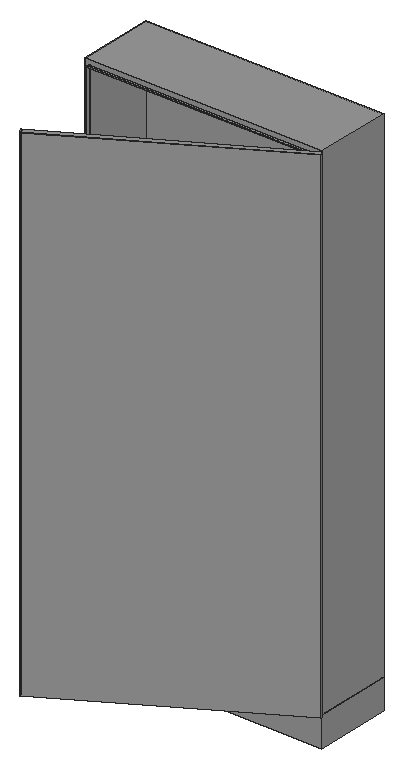
Revit family "Hager-Univers-IP55-D275-H1800-Cl.I-Steel_encl-NoHosted-NL-en", category Equipement électrique, Revit 2020
Family settings
  Configuration du panneau = Deux colonnes, circuits au sein
  Cote de connecteur circulaire = Utiliser le diamètre
  Type d'élément = Tableau de raccordement
  Basée sur le plan de construction = Oui
  Toujours verticalement = Oui
  Couper avec des vides une fois chargée = Non
  Partagée = Non
  Point de calcul de pièce = Non
Parameters (values of type "Floor installation IP55 W800 H1800 D275  - FR13E1")
  Width Control [instance] = if([EF000008 - Width] > Min Width, [EF000008 - Width], Min Width)  # 800 mm
  Commentaires du type = [HG000003 - Range]  # "Univers"
  Thickness Door [instance] = if([EF009171 - Material plate thickness door/cover] > 3 mm, 3 mm, [EF009171 - Material plate thickness door/cover])  # 1.5 mm
  Seal Frame Offset [instance] = 17 mm  # constant formula
  Plinth Visibility [instance] = [HG000027 - Plinth height] > 0 mm  # yes
  Min Width [instance] = 100 mm  # constant formula
  Min Depth [instance] = (2 * [EF009170 - Material plate thickness cabinet]) + 1 mm  # 4 mm
  Min Height [instance] = 100 mm  # constant formula
  Internal Frame Depth [instance] = (Door System Depth * 0.5)  # 9 mm
  Panel Name [instance] = ""  # (empty or 0)
  Model = ""
  HG000027 - Plinth height = 100 mm
  HG000026 - Floor standing = yes
  HG000024 - Bottom section height = 600 mm
  HG000023 - Double section enclosure = no
  HG000016 - Door 3d visibility [instance] = yes
  HG000015 - Clearance visibility [instance] = no
  HG000014 - Door on the right [instance] = yes
  HG000013 - Door on the left [instance] = not([HG000014 - Door on the right])  # no
  HG000012 - Door swing angle [instance] = 30.00°
  HG000010 - Asymmetric doors = no
  HG000009 - Double swing door = no
  HG000006 - Flush mounted = no
  HG000004 - Manufacturer reference = "FR13E1"
  HG000003 - Range = "Univers"
  HG000002 - With door or cover = yes
  Frame Offset Bottom [instance] = 10 mm  # constant formula
  Frame Offset [instance] = 15 mm  # constant formula
  EF015940 - Cover with overpressure release = no
  EF011959 - Degree of protection (NEMA) = ""
  EF009554 - Number of openings for flange plates = 6
  EF009212 - Cover model = "EV000116 - Closed"
  EF009171 - Material plate thickness door/cover = 1.5 mm
  EF009170 - Material plate thickness cabinet = 1.5 mm
  EF008873 - Nominal current (In) = 800 A
  EF007800 - Suitable for lightning protection = no
  EF006306 - With lock = no
  EF006244 - Transparent cover/door = no
  EF005474 - Degree of protection (IP) = "EV006420 - IP55"
  EF004464 - Type of door = "EV002646 - Single"
  EF004427 - Number of modules = 396
  EF004293 - Impact strength = "EV008784 - IK10"
  EF003532 - Suitable for outdoor use = no
  EF002950 - Width in number of modular spacings = 24
  EF001613 - Circuit integrity = "EV000494 - None"
  EF001596 - Material housing = "EV000179 - Steel"
  EF001131 - Internal depth = 275 mm
  EF001088 - Extension possible = yes
  EF000437 - Number of conduit inlets = 6
  EF000339 - Type of cover = "EV004216 - Door"
  EF000266 - Number of rows = 11
  EF000218 - Built-in depth = 0 mm
  EF000118 - With mounting plate = no
  EF000116 - RAL-number = "7035"
  EF000049 - Depth = 275 mm
  EF000040 - Height = 1800 mm
  EF000008 - Width = 800 mm
  EF000007 - Colour = "EV000270 - Grey"
  EF000003 - Mounting method = "EV012274 - Floor installation"
  Door System Leaf Tolerance [instance] = 1.5 mm  # constant formula
  Door System Depth [instance] = 18 mm  # constant formula
  Door Height [instance] = Height Control - [HG000027 - Plinth height]  # 1700 mm
  Description = ""
  Default Elevation = 1219.2 mm
  Connector Offset [instance] = Height Control / 2  # 900 mm
  Fabricant = "Hager"  # constant formula
  Height Control [instance] = if([EF000040 - Height] > Min Height, [EF000040 - Height], Min Height)  # 1800 mm
  Depth Control [instance] = if([EF000049 - Depth] > Min Depth, [EF000049 - Depth], Min Depth)  # 275 mm
  Bottom Top Plate Trim [instance] = 1.5 mm  # constant formula
  Plinth height Ctrl [instance] = if([HG000027 - Plinth height] > 0 mm, [HG000027 - Plinth height], 12 mm)  # 100 mm
Types (5, lengths in mm): name | Width Control | HG000010 - Asymmetric doors | HG000009 - Double swing door | HG000004 - Manufacturer reference | EF009554 - Number of openings for flange plates | EF004464 - Type of door | EF004427 - Number of modules | EF000437 - Number of conduit inlets | EF000008 - Width
  Floor installation IP55 W1050 H1800 D275  - FR14E1 | 1050 | yes | yes | "FR14E1" | 8 | "EV003602 - Double" | 528 | 8 | 1050
  Floor installation IP55 W1300 H1800 D275  - FR15E1 | 1300 | yes | yes | "FR15E1" | 10 | "EV003602 - Double" | 660 | 10 | 1300
  Floor installation IP55 W300 H1800 D275  - FR11E1 | 300 | no | no | "FR11E1" | 2 | "EV002646 - Single" | 132 | 2 | 300
  Floor installation IP55 W550 H1800 D275  - FR12E1 | 550 | no | no | "FR12E1" | 4 | "EV002646 - Single" | 264 | 4 | 550
  Floor installation IP55 W800 H1800 D275  - FR13E1 | 800 | no | no | "FR13E1" | 6 | "EV002646 - Single" | 396 | 6 | 800
Reference planes
  plane 1 "Center (Front/Back)": y = 0
  plane 2: z = 0
  plane 3 "Center (Left/Right)": x = 0
  plane 4: y = 0
  plane 5: y = 0
  plane 6: z = 0
  plane 7: x = -400
  plane 8: x = 400
  plane 9: x = 398.5
  plane 10: x = -398.5
  plane 11: z = 100
  plane 12: z = 101.5
  plane 13: y = -275
  plane 14: y = -1.5
  plane 15: x = 0
  plane 16: y = -257
  plane 17: y = -273.5
  plane 18: y = -255.5
  plane 19: x = -383.5
  plane 20: x = 383.5
  plane 21: z = 111.5
  plane 22: x = -383
  plane 23: x = 383
  plane 24: z = 100
  plane 25: z = 1800
  plane 26: z = 1800
  plane 27: z = 1783.5
  plane 28: z = 1798.5
Forms (mm)
  Extrusion 1, solid, material "Hager_Steel_RAL7035_Light_Grey", detail levels medium+fine
    sketch origin (-208.679, -4572, 100) x (-1, 0, 0) y (0, -1, 0)
      loop
        line (191.321, -4315) -> (-608.679, -4315) -> (-608.679, -4572) -> (191.321, -4572) -> (191.321, -4315)
    from 0 to 1700
  Extrusion 2, void
    sketch origin (-350.771, -275, 1219.2) x (1, 0, 0) y (0, 0, 1)
      loop
        line (-47.729, 579.3) -> (-47.729, -1117.7) -> (749.271, -1117.7) -> (749.271, 579.3) -> (-47.729, 579.3)
    from -19.5 to -273.5
  Extrusion 3, void
    sketch origin (-290.084, -257, 1219.2) x (1, 0, 0) y (0, 0, 1)
      loop
        line (-93.416, -1107.7) -> (673.584, -1107.7) -> (673.584, 564.3) -> (-93.416, 564.3) -> (-93.416, -1107.7)
    from 0 to -1.5
  Extrusion 4, solid, material "Hager_Steel_RAL7035_Light_Grey", visible <- "Plinth Visibility", detail levels medium+fine
    sketch origin (0, 0, 0) x (1, 0, 0) y (0, 1, 0)
      loop
        line (-400, 0) -> (-400, -257) -> (400, -257) -> (400, 0) -> (-400, 0)
    from 0 to 100 <- "Plinth height Ctrl"
  Extrusion 5, solid, material "Hager_Steel_RAL7035_Light_Grey", detail levels coarse
    sketch origin (0, 0, 0) x (1, 0, 0) y (0, 1, 0)
      loop
        line (-400, 0) -> (-400, -275) -> (400, -275) -> (400, 0) -> (-400, 0)
    from 0 to 1800 <- "Height Control"
  Sweep 6, void
    path in 3D
      loop
        line (-400, -257, 100) -> (400, -257, 100) -> (400, 0, 100) -> (-400, 0, 100) -> (-400, -257, 100)
    profile origin (-400, -128.5, 100) x (1, 0, 0) y (0, 0, 1)
      loop
        line (0, 0) -> (0, -1.5) -> (1.5, -1.5)
        arc (1.5, -1.5) -> (1.061, -0.439) -> (0, 0) r 1.5
  Extrusion 7, solid, material "Hager_Steel_RAL7035_Light_Grey", detail levels fine
    sketch origin (-400, -257, 100) x (1, 0, 0) y (0, 0, 1)
      loop
        line (16.5, 11.5) -> (783.5, 11.5) -> (783.5, 1683.5) -> (16.5, 1683.5) -> (16.5, 11.5)
      loop
        line (15, 10) -> (785, 10) -> (785, 1685) -> (15, 1685) -> (15, 10)
    from 0 to 9 <- "Internal Frame Depth"
Cuts and joins
  Extrusion 2, Extrusion 3 cuts Extrusion 1
  Sweep 6 cuts Extrusion 4
Lines and regions (mm)
  Masking region 1
    outline origin (0, 0, 0) x (1, 0, 0) y (0, 1, 0)
      loop
        line (-400, 0) -> (-400, -275) -> (400, -275) -> (400, 0) -> (-400, 0)
  Masking region 2, detail levels coarse
    outline origin (-290.084, -257, 1219.2) x (-1, 0, 0) y (0, 0, 1)
      loop
        line (-690.084, -1219.2) -> (109.916, -1219.2) -> (109.916, 580.8) -> (-690.084, 580.8) -> (-690.084, -1219.2)
  Masking region 3, detail levels coarse
    outline origin (0, 0, 0) x (0, 1, 0) y (0, 0, 1)
      loop
        line (0, 0) -> (0, 1800) -> (-275, 1800) -> (-275, 0) -> (0, 0)
  Masking region 4, visible <- "Plinth Visibility", detail levels medium+fine
    outline origin (0, 0, 0) x (0, 1, 0) y (0, 0, 1)
      loop
        line (-1.5, 100) -> (-255.5, 100)
        arc (-255.5, 100) -> (-255.939, 98.939) -> (-257, 98.5) r 1.5
        line (-257, 98.5) -> (-257, 0) -> (0, 0) -> (0, 98.5)
        arc (0, 98.5) -> (-1.061, 98.939) -> (-1.5, 100) r 1.5
  Masking region 5, detail levels medium+fine
    outline origin (0, 0, 594.038) x (0, 1, 0) y (0, 0, 1)
      loop
        line (0, -494.038) -> (0, 1205.962) -> (-257, 1205.962) -> (-257, -494.038) -> (0, -494.038)
  Masking region 6, detail levels medium+fine
    outline origin (-359.7, -257, 1211.883) x (-1, 0, 0) y (0, 0, 1)
      loop
        line (-759.7, -1111.883) -> (40.3, -1111.883) -> (40.3, 588.117) -> (-759.7, 588.117) -> (-759.7, -1111.883)
  Masking region 7, visible <- "Plinth Visibility", detail levels medium+fine
    outline origin (-320.334, -257, 1041.368) x (-1, 0, 0) y (0, 0, 1)
      loop
        line (-720.334, -1041.368) -> (79.666, -1041.368) -> (79.666, -942.868)
        arc (79.666, -942.868) -> (78.606, -942.429) -> (78.166, -941.368) r 1.5
        line (78.166, -941.368) -> (-718.834, -941.368)
        arc (-718.834, -941.368) -> (-719.273, -942.429) -> (-720.334, -942.868) r 1.5
        line (-720.334, -942.868) -> (-720.334, -1041.368)
  sketch lines
    curve 1: line (-400, 0, 100) -> (-400, -257, 100)
    curve 2: line (-400, -257, 100) -> (400, -257, 100)
    curve 3: line (400, 0, 100) -> (-400, 0, 100)
    curve 4: line (400, -257, 100) -> (400, 0, 100)
Dimensions and locks
  locked: plane 1 "Center (Front/Back)" to plane 5
  "EF009170 - Material plate thickness cabinet": plane 7 to plane 10
  "EF009170 - Material plate thickness cabinet": plane 8 to plane 9
  equal spacing: plane 7, plane 3 "Center (Left/Right)", plane 8
  "Width Control": plane 7 to plane 8
  "Depth Control": plane 4 to plane 13
  "EF009170 - Material plate thickness cabinet": plane 4 to plane 14
  "Height Control": plane 25 to level
  "HG000027 - Plinth height": plane 11 to level
  "EF009170 - Material plate thickness cabinet": plane 12 to plane 11
  "EF009170 - Material plate thickness cabinet": plane 17 to plane 13
  "EF009170 - Material plate thickness cabinet": plane 18 to plane 16
  "Frame Offset Bottom": plane 21 to plane 12
  "Frame Offset": plane 10 to plane 19
  "Frame Offset": plane 9 to plane 20
  "Door System Depth": plane 16 to plane 13
  "Seal Frame Offset": plane 7 to plane 22
  "Seal Frame Offset": plane 8 to plane 23
  "EF009170 - Material plate thickness cabinet": plane 26 to plane 28
  "Frame Offset": plane 28 to plane 27
  "Connector Offset": plane 2 to connector elem
  "Bottom Top Plate Trim": profile plane to Sweep 6 sketch curve
  "Bottom Top Plate Trim": Sweep 6 sketch curve to Sweep 6 sketch curve
  "Plinth height Ctrl": Masking region 4 sketch curve to level
  "Plinth height Ctrl": Masking region 7 sketch curve to level
  "Thickness Door": Extrusion 7 sketch curve to Extrusion 7 sketch curve  (x4)
  "Bottom Top Plate Trim": radius of Sweep 6 sketch curve
  "Bottom Top Plate Trim": radius of Masking region 4 sketch curve  (x2)
  "Bottom Top Plate Trim": radius of Masking region 7 sketch curve  (x2)
  aligned and locked: Extrusion 2 sketch curve to plane 12
  aligned and locked: Extrusion 2 sketch curve to plane 9
  aligned and locked: Extrusion 2 sketch curve to plane 10
  aligned and locked: Extrusion 2 to plane 14
  aligned and locked: Extrusion 1 sketch curve to plane 4
  aligned and locked: plane 8 to Extrusion 1 sketch curve
  aligned and locked: plane 7 to Extrusion 1 sketch curve
  aligned and locked: Extrusion 2 to plane 18
  aligned and locked: Extrusion 3 sketch curve to plane 19
  aligned and locked: plane 20 to Extrusion 3 sketch curve
  aligned and locked: Extrusion 3 to Extrusion 2
  aligned and locked: Extrusion 3 sketch curve to plane 21
  aligned and locked: plane 3 "Center (Left/Right)" to nested 1
  aligned and locked: Extrusion 1 sketch curve to plane 16
  aligned and locked: Extrusion 4 sketch curve to cut or joined group of Extrusion 1, Extrusion 2, Extrusion 3
  aligned and locked: Masking region 1 sketch curve to plane 7
  aligned and locked: Masking region 1 sketch curve to plane 5
  aligned and locked: Masking region 1 sketch curve to plane 8
  aligned and locked: Masking region 2 sketch curve to level
  aligned and locked: level to Masking region 3 sketch curve
  aligned and locked: plane 1 "Center (Front/Back)" to Masking region 3 sketch curve
  aligned and locked: plane 13 to Masking region 3 sketch curve
  aligned and locked: plane 5 to Masking region 4 sketch curve
  aligned and locked: Masking region 2 sketch curve to plane 8
  aligned and locked: Masking region 2 sketch curve to plane 7
  aligned and locked: plane 7 to nested 2
  aligned and locked: nested 2 to plane 5
  aligned and locked: plane 5 to Masking region 5 sketch curve
  aligned and locked: plane 26 to Masking region 5 sketch curve
  aligned and locked: Extrusion 5 sketch curve to plane 8
  aligned and locked: Extrusion 5 sketch curve to plane 7
  aligned and locked: Extrusion 5 sketch curve to plane 5
  aligned and locked: Extrusion 3 sketch curve to plane 27
  aligned and locked: Extrusion 2 sketch curve to plane 28
  aligned and locked: Masking region 2 to plane 25
  aligned and locked: Extrusion 4 to plane 16
  aligned and locked: profile plane to Sweep 6 sketch curve
  aligned and locked: Masking region 5 sketch curve to plane 24
  aligned and locked: level to Masking region 4 sketch curve
  aligned and locked: Masking region 1 to plane 13
  aligned and locked: nested 1 to plane 16
  aligned and locked: Masking region 3 to plane 25
  aligned and locked: plane 16 to Masking region 4 sketch curve
  aligned and locked: Masking region 5 sketch curve to plane 16
  aligned and locked: plane 24 to plane 11
  aligned and locked: plane 26 to plane 25
  aligned and locked: plane 26 to cut or joined group of Extrusion 1, Extrusion 2, Extrusion 3
  aligned and locked: nested 1 to plane 24
  aligned and locked: Extrusion 1 to Extrusion 3
  aligned and locked: Masking region 6 sketch curve to plane 8
  aligned and locked: Masking region 6 sketch curve to plane 24
  aligned and locked: Masking region 6 sketch curve to plane 7
  aligned and locked: Masking region 6 sketch curve to plane 26
  aligned and locked: Masking region 7 sketch curve to plane 7
  aligned and locked: level to Masking region 7 sketch curve
  aligned and locked: Masking region 7 sketch curve to plane 8
  aligned and locked: Extrusion 7 sketch curve to cut or joined group of Extrusion 1, Extrusion 2, Extrusion 3  (x4)
Automatic sketch dimensions
  plane 19 to Extrusion 3 sketch curve = 0 mm
  Extrusion 3 sketch curve to plane 20 = 0 mm
  Extrusion 3 sketch curve to plane 21 = 0 mm
  Extrusion 4 sketch curve to plane 7 = 0 mm
  Extrusion 4 sketch curve to plane 8 = 0 mm
  Extrusion 4 sketch curve to plane 16 = 0 mm
  Masking region 1 sketch curve to plane 13 = 0 mm
  Masking region 2 sketch curve to plane 25 = 0 mm
  Masking region 3 sketch curve to plane 25 = 0 mm
  Extrusion 5 sketch curve to plane 13 = 0 mm
  profile plane to Sweep 6 sketch curve = 0 mm
Nested families
  nested 1: "EC000058_Univers_Door" at (0, -257, 100), Double <- "HG000009 - Double swing door", Transparent <- "EF006244 - Transparent cover/door", Angle <- "HG000012 - Door swing angle", Door_Right <- "HG000014 - Door on the right", Assymetrical <- "HG000010 - Asymmetric doors", Door <- "HG000002 - With door or cover", Width_Ctrl <- "Width Control", 3d_Door <- "HG000016 - Door 3d visibility", Clearance <- "HG000015 - Clearance visibility", Door_Left <- "HG000013 - Door on the left", Width <- "Width Control", Door_Depth <- "Door System Depth", Leaf_Tolerance <- "Door System Leaf Tolerance", Height <- "Door Height", Lock_Visibility <- "EF006306 - With lock", Thickness <- "Thickness Door", type "EC000058_Univers_Door", detail levels medium+fine
    with min_wh 4 mm, Width_Ctrl 800 mm, Width 800 mm, Transparent no, Thickness 1.5 mm, Seal_Material Hager_Rubber, Lock_Visibility no, Lock_Material Hager_Plastic_RAL9005_Jet_Black, Leaf_Width 800 mm, Leaf_Tolerance_External_Sides 0 mm, Leaf_Tolerance 1.5 mm, Leaf_Offset 0 mm, Leaf_Height 1697 mm, Leaf_2_Width 800 mm, Leaf_2_Offset 400 mm, Leaf_1_Width 800 mm, Leaf_1_Offset 400 mm, Height_Ctrl 1700 mm, Height 1700 mm, Glass_Material Hager_Glass, Double_Clearance_Ctrl no, Double no, Door_Right_Ctrl yes, Door_Right yes, Door_Material Hager_Steel_RAL7035_Light_Grey, Door_Left_Ctrl no, Door_Left no, Door_Depth 18 mm, Door yes, Clearance_Material Hager_Clearance, Clearance_Depth 800 mm, Clearance_Ctrl no, Clearance no, Assymetrical no, Angle 30.00°, 3d_Door yes
  nested 2: "Hager_Enclosure_Symbol" at (-400, 0, 0), Height <- "Depth Control", Width <- "Width Control", type "Hager_Enclosure_Symbol"
    with Width_Ctrl 800 mm, Width 800 mm, Height_Ctrl 275 mm, Height 275 mm, A_Width_Int 18.047 mm, A_Width 216.562 mm, A_Height_Ctrl 240.625 mm, A_Height 240.625 mm
Connectors
  electrical at (0, 0, 900)
    settings: on plane 1 "Center (Front/Back)", index 1, voltage 0 V, apparent load 0 VA, apparent load phase1 0 VA, apparent load phase2 0 VA, apparent load phase3 0 VA, power factor 1, load classification "Other", number of poles 1, system type 30, power factor state 1, is connector primary yes, connector utility no, sub classification motor no, connector description ""
Definition of nested family "EC000058_Univers_Door"
  Parameters (values of type "EC000058_Univers_Door")
    min_wh [instance] = (2 * Thickness) + 1 mm  # 11 mm
    Width_Ctrl [instance] = 400 mm
    Width [instance] = 500 mm
    Transparent [instance] = yes
    Thickness [instance] = 5 mm
    Seal_Material [instance] = none
    Lock_Visibility [instance] = yes
    Lock_Material [instance] = none
    Leaf_Width [instance] = if((Width_Ctrl - 2 * Leaf_Tolerance_External_Sides) > 0 mm, (Width_Ctrl - 2 * Leaf_Tolerance_External_Sides), min_wh)  # 400 mm
    Leaf_Tolerance_External_Sides [instance] = 0 mm  # constant formula
    Leaf_Tolerance [instance] = 1.5 mm
    Leaf_Offset [instance] = 0 mm  # constant formula
    Leaf_Height [instance] = if((Height_Ctrl - 2 * Leaf_Tolerance) > 0 mm, (Height_Ctrl - 2 * Leaf_Tolerance), min_wh)  # 497 mm
    Leaf_2_Width [instance] = if(and(and(Double, Assymetrical), Door_Left), (Leaf_Width / 3) - (Leaf_Tolerance / 2), if(and(and(Double, Assymetrical), Door_Right), (Leaf_Width / 3) * 2 - (Leaf_Tolerance / 2), if(and(Double, not(Assymetrical)), (Leaf_Width / 2) - Leaf_Tolerance, Leaf_Width)))  # 400 mm
    Leaf_2_Offset [instance] = if(and(Double, Assymetrical), Leaf_2_Width / 2, if(and(Double, not(Assymetrical)), Leaf_Width / 4, Leaf_Width / 2))  # 200 mm
    Leaf_1_Width [instance] = if(and(and(Double, Assymetrical), Door_Right), (Leaf_Width / 3) - (Leaf_Tolerance / 2), if(and(and(Double, Assymetrical), Door_Left), (Width / 3) * 2 - (Leaf_Tolerance / 2), if(and(Double, not(Assymetrical)), (Leaf_Width / 2) - Leaf_Tolerance, Leaf_Width)))  # 400 mm
    Leaf_1_Offset [instance] = if(and(Double, Assymetrical), Leaf_1_Width / 2, if(and(Double, not(Assymetrical)), Leaf_Width / 4, Leaf_Width / 2))  # 200 mm
    Height_Ctrl [instance] = if(Height > min_wh, Height, min_wh)  # 500 mm
    Height [instance] = 500 mm
    Glass_Material [instance] = none
    Double_Clearance_Ctrl [instance] = and(Double, Clearance)  # no
    Double [instance] = no
    Door_Right_Ctrl [instance] = and(or(Door_Right, Double), Door)  # yes
    Door_Right [instance] = yes
    Door_Material [instance] = none
    Door_Left_Ctrl [instance] = and(or(Door_Left, Double), Door)  # no
    Door_Left [instance] = no
    Door_Depth [instance] = 30 mm
    Door [instance] = yes
    Default Elevation = 1219.2 mm
    Clearance_Material [instance] = none
    Clearance_Depth [instance] = if(Leaf_1_Width > Leaf_2_Width, Leaf_1_Width, Leaf_2_Width)  # 400 mm
    Clearance_Ctrl [instance] = and(not(Double), Clearance)  # yes
    Clearance [instance] = yes
    Assymetrical [instance] = yes
    Angle [instance] = 30.00°
    3d_Door [instance] = yes
  Reference planes
    plane 1 "Center (Front/Back)": y = 0
    plane 2 "Bottom": z = 0
    plane 3 "Center (Left/Right)": x = 0
    plane 4: z = 500
    plane 5: x = -200
    plane 6: x = 200
    plane 7: z = 500
    plane 8: x = -200
    plane 9: z = 0
    plane 10: x = 200
    plane 11: y = 0
    plane 12: z = 1.5
    plane 13: x = -600
    plane 14: y = -400
    plane 15: x = 600
    plane 16: x = 0
    plane 17: x = 0
    plane 18: x = -200
    plane 19: x = 200
    plane 20: z = 498.5
  Forms (mm)
    Extrusion 1, solid, material <- "Clearance_Material", visible <- "Double_Clearance_Ctrl"
      sketch origin (1200, 0, 0) x (1, 0, 0) y (0, 0, -1)
        loop
          line (-1800, -498.5) -> (-600, -498.5) -> (-600, 0) -> (-1800, 0) -> (-1800, -498.5)
      from 0 to -400
  Dimensions and locks
    equal spacing: plane 5, plane 3 "Center (Left/Right)", plane 6
    "Width_Ctrl": plane 5 to plane 6
    "Leaf_Offset": plane 5 to plane 8
    "Leaf_Offset": plane 6 to plane 10
    "Leaf_Offset": plane 9 to level
    "Leaf_Offset": plane 4 to plane 7
    "Height_Ctrl": plane 4 to level
    "Leaf_Tolerance": plane 12 to plane 9
    locked: plane 11 to plane 1 "Center (Front/Back)"
    "Leaf_1_Offset": plane 18 to plane 16
    "Leaf_2_Offset": plane 17 to plane 19
    "Leaf_1_Width": plane 13 to plane 8
    "Leaf_2_Width": plane 10 to plane 15
    "Clearance_Depth": plane 14 to plane 1 "Center (Front/Back)"
    "Leaf_Tolerance_External_Sides": plane 8 to plane 18
    "Leaf_Tolerance_External_Sides": plane 19 to plane 10
    "Leaf_Tolerance": plane 7 to plane 20
    aligned and locked: level to plane 2 "Bottom"
    aligned and locked: nested 1 to plane 16
    aligned and locked: nested 2 to plane 17
    aligned and locked: Extrusion 1 to plane 13
    aligned and locked: plane 15 to Extrusion 1
    aligned and locked: Extrusion 1 to plane 14
    aligned and locked: plane 12 to nested 1
    aligned and locked: nested 2 to plane 12
    aligned and locked: Extrusion 1 to plane 11
    aligned and locked: plane 20 to Extrusion 1
    aligned and locked: nested 2 to plane 11
    aligned and locked: nested 1 to plane 11
  Automatic sketch dimensions
    Extrusion 1 sketch curve to level = 0 mm
    plane 5 to Extrusion 1 sketch curve = 400 mm
    plane 6 to Extrusion 1 sketch curve = 400 mm
    Extrusion 1 sketch curve to plane 4 = 1.5 mm
  Nested families
    nested 1: "EC000058_Univers_Door_Leaf" at (0, 0, 1.5), Width <- "Leaf_1_Width", visible <- "Door_Left_Ctrl", Leaf_Height <- "Leaf_Height", Angle <- "Angle", 3d_Door <- "3d_Door", Transparent <- "Transparent", Clearance Material <- "Clearance_Material", Clearance <- "Clearance_Ctrl", Door_Material <- "Door_Material", Glass_Material <- "Glass_Material", Door_Depth <- "Door_Depth", Lock_Material <- "Lock_Material", Seal_Material <- "Seal_Material", Lock_Visibility <- "Lock_Visibility", Thickness <- "Thickness", type "EC000058_Univers_Door_Leaf"
      with Width 400 mm, Transparent_Glass_Offset 30 mm, Transparent_Ctrl yes, Transparent yes, Thickness 5 mm, Standard no, Seal_Material none, Seal_D2 8 mm, Seal_D1 1 mm, Offset_Internal_Frame 10 mm, Lock_Width 20 mm, Lock_Visibility_3d yes, Lock_Visibility yes, Lock_Thickness_3 3 mm, Lock_Thickness_2 1 mm, Lock_Thickness_1 3 mm, Lock_Radius_Offset_2 16 mm, Lock_Radius_Offset_1 15 mm, Lock_Radius_2 5 mm, Lock_Radius 6 mm, Lock_Offset 5 mm, Lock_Material none, Lock_Height 80 mm, Lock_Cover_Top_Offset_2d 17 mm, Lock_Cover_Height -65 mm, Leaf_Height 497 mm, Internal_Seal_Thickness 8 mm, Internal_Seal_Depth_2 4.5 mm, Internal_Frame_Depth 25 mm, Glass_Thickness -1 mm, Glass_Offset -2 mm, Glass_Material none, Door_Material none, Door_Depth 30 mm, Clearance Material none, Clearance yes, Angle_Ctrl 30.00°, Angle 30.00°, 3d_Door yes
    nested 2: "EC000058_Univers_Door_Leaf" at (0, 0, 1.5) x (-1, 0, 0) z (0, 0, 1), Width <- "Leaf_2_Width", visible <- "Door_Right_Ctrl", Leaf_Height <- "Leaf_Height", Angle <- "Angle", 3d_Door <- "3d_Door", Transparent <- "Transparent", Clearance Material <- "Clearance_Material", Clearance <- "Clearance_Ctrl", Door_Material <- "Door_Material", Glass_Material <- "Glass_Material", Door_Depth <- "Door_Depth", Lock_Material <- "Lock_Material", Seal_Material <- "Seal_Material", Lock_Visibility <- "Lock_Visibility", Thickness <- "Thickness", type "EC000058_Univers_Door_Leaf"
      with Width 400 mm, Transparent_Glass_Offset 30 mm, Transparent_Ctrl yes, Transparent yes, Thickness 5 mm, Standard no, Seal_Material none, Seal_D2 8 mm, Seal_D1 1 mm, Offset_Internal_Frame 10 mm, Lock_Width 20 mm, Lock_Visibility_3d yes, Lock_Visibility yes, Lock_Thickness_3 3 mm, Lock_Thickness_2 1 mm, Lock_Thickness_1 3 mm, Lock_Radius_Offset_2 16 mm, Lock_Radius_Offset_1 15 mm, Lock_Radius_2 5 mm, Lock_Radius 6 mm, Lock_Offset 5 mm, Lock_Material none, Lock_Height 80 mm, Lock_Cover_Top_Offset_2d 17 mm, Lock_Cover_Height -65 mm, Leaf_Height 497 mm, Internal_Seal_Thickness 8 mm, Internal_Seal_Depth_2 4.5 mm, Internal_Frame_Depth 25 mm, Glass_Thickness -1 mm, Glass_Offset -2 mm, Glass_Material none, Door_Material none, Door_Depth 30 mm, Clearance Material none, Clearance yes, Angle_Ctrl 30.00°, Angle 30.00°, 3d_Door yes
  Definition of nested family "EC000058_Univers_Door_Leaf"
    Parameters (values of type "EC000058_Univers_Door_Leaf")
      Width [instance] = 2000 mm
      Transparent_Glass_Offset [instance] = 30 mm
      Transparent_Ctrl [instance] = and(Transparent, [3d_Door])  # yes
      Transparent [instance] = yes
      Thickness [instance] = 5 mm
      Standard [instance] = and(not(Transparent), [3d_Door])  # no
      Seal_Material [instance] = none
      Seal_D2 [instance] = 8 mm  # constant formula
      Seal_D1 [instance] = 1 mm  # constant formula
      Offset_Internal_Frame [instance] = 10 mm  # constant formula
      Lock_Width [instance] = 20 mm  # constant formula
      Lock_Visibility_3d [instance] = and(Lock_Visibility, [3d_Door])  # yes
      Lock_Visibility [instance] = yes
      Lock_Thickness_3 [instance] = 3 mm  # constant formula
      Lock_Thickness_2 [instance] = 1 mm  # constant formula
      Lock_Thickness_1 [instance] = 3 mm  # constant formula
      Lock_Radius_Offset_2 [instance] = Lock_Radius_Offset_1 + 1 mm  # 16 mm
      Lock_Radius_Offset_1 [instance] = 15 mm  # constant formula
      Lock_Radius_2 [instance] = Lock_Radius - 1 mm  # 5 mm
      Lock_Radius [instance] = 6 mm  # constant formula
      Lock_Offset [instance] = 5 mm  # constant formula
      Lock_Material [instance] = none
      Lock_Height [instance] = 80 mm  # constant formula
      Lock_Cover_Top_Offset_2d [instance] = Lock_Radius_Offset_2 + 1 mm  # 17 mm
      Lock_Cover_Height [instance] = -(Lock_Height - Lock_Radius_Offset_1)  # -65 mm
      Leaf_Height [instance] = 2720.336 mm
      Internal_Seal_Thickness [instance] = 8 mm  # constant formula
      Internal_Seal_Depth_2 [instance] = 4.5 mm  # constant formula
      Internal_Frame_Depth [instance] = if(Door_Depth - Thickness > 5 mm, Door_Depth - Thickness, 5 mm)  # 25 mm
      Glass_Thickness [instance] = if(Thickness > 15 mm, Glass_Offset + 10 mm, -1 mm)  # -1 mm
      Glass_Offset [instance] = if(Thickness > 15 mm, -(Thickness + 10 mm) / 2, -2 mm)  # -2 mm
      Glass_Material [instance] = none
      Door_Material [instance] = none
      Door_Depth [instance] = 30 mm
      Default Elevation = 0 mm
      Clearance Material [instance] = none
      Clearance [instance] = yes
      Angle_Ctrl [instance] = if(Angle > 180.00°, 180.00°, Angle)  # 90.00°
      Angle [instance] = 90.00°
      3d_Door [instance] = yes
    Reference planes
      plane 1 "Center (Front/Back)": y = 0
      plane 2: z = 0
      plane 3 "Center (Left/Right)": x = 0
      plane 4: y = 2000
      plane 5: x = -1000
      plane 6: x = 1000
      plane 7: x = -3000
      plane 8: z = 2720.336
      plane 9: z = 30
      plane 10: z = 2690.336
      plane 11: x = 970
      plane 12: x = -970
      plane 13: y = -3
      plane 14: z = 107.833
      plane 15: y = -5
      plane 16: y = -223.314
      plane 17: x = -1000
      plane 18: z = 1360.168
      plane 19: y = 30
    Forms (mm)
      Extrusion 1, solid, material <- "Clearance Material", visible <- "Clearance"
        sketch origin (0, 0, 0) x (1, 0, 0) y (0, 0, 1)
          loop
            line (-3000, 2720.336) -> (-3000, 0) -> (1000, 0) -> (1000, 2720.336) -> (-3000, 2720.336)
        from 0 to -2000
      Extrusion 2, solid, material <- "Door_Material", visible <- "Standard", detail levels medium+fine
        sketch origin (-1000, 0, 0) x (0, 1, 0) y (-1, 0, 0)
          loop
            line (0, 30) -> (0, 25) -> (2000, 25) -> (2000, 30) -> (0, 30)
        from 0 to 2720.336 <- "Leaf_Height"
      Extrusion 3, solid, material <- "Door_Material", visible <- "Transparent_Ctrl", detail levels medium+fine
        sketch origin (-1000, 0, 0) x (0, 1, 0) y (-1, 0, 0)
          loop
            line (0, 25) -> (2000, 25) -> (2000, 30) -> (0, 30) -> (0, 25)
        from 0 to 2720.336 <- "Leaf_Height"
      Extrusion 4, void
        sketch origin (-1025, 2000, 0) x (0, 1, 0) y (0, 0, -1)
          loop
            line (-30, -2690.336) -> (-30, -30) -> (-1970, -30) -> (-1970, -2690.336) -> (-30, -2690.336)
        from 0 to 5 <- "Thickness"
      Sweep 5, solid, material <- "Seal_Material", visible <- "Transparent_Ctrl", detail levels fine
        path in 3D
          loop
            line (-1025, 30, 30) -> (-1025, 30, 2690.336) -> (-1025, 1970, 2690.336) -> (-1025, 1970, 30) -> (-1025, 30, 30)
        profile origin (-1025, 1000, 30) x (1, 0, 0) y (0, 0, 1)
          loop
            line (0, 0) -> (0, -8) -> (1, -8) -> (1, 0) -> (0, 0)
      Extrusion 6, solid, material <- "Glass_Material", visible <- "Transparent_Ctrl", detail levels medium+fine
        sketch origin (-1030, 0, 0) x (0, 1, 0) y (0, 0, -1)
          loop
            line (1970, -2690.336) -> (1970, -30) -> (30, -30) -> (30, -2690.336) -> (1970, -2690.336)
        from -2 <- "Glass_Offset" to -1 <- "Glass_Thickness"
      Extrusion 7, solid, material <- "Door_Material", visible <- "3d_Door", detail levels medium+fine
        sketch origin (-1025, 2000, 0) x (0, -1, 0) y (0, 0, -1)
          loop
            line (0, -2720.336) -> (2000, -2720.336) -> (2000, 0) -> (0, 0) -> (0, -2720.336)
          loop
            line (1995, -5) -> (5, -5) -> (5, -2715.336) -> (1995, -2715.336) -> (1995, -5)
        from 0 to 25 <- "Internal_Frame_Depth"
      Sweep 8, solid, material <- "Seal_Material", visible <- "Transparent_Ctrl", detail levels fine
        path in 3D
          loop
            line (-1025, 0, 0) -> (-1025, 2000, 0) -> (-1025, 2000, 2720.336) -> (-1025, 0, 2720.336) -> (-1025, 0, 0)
        profile origin (-1025, 0, 1360.168) x (1, 0, 0) y (0, 1, 0)
          loop
            line (0, 10) -> (2.975, 10)
            arc (2.975, 10) -> (4.053, 10.447) -> (4.5, 11.525) r 1.525
            line (4.5, 11.525) -> (4.5, 16.527)
            arc (4.5, 16.527) -> (4.069, 17.569) -> (3.027, 18) r 1.473
            line (3.027, 18) -> (0, 18) -> (0, 10)
      Extrusion 9, solid, material <- "Lock_Material", visible <- "Lock_Visibility_3d", detail levels fine
        sketch origin (-1030, 0, 0) x (0, 1, 0) y (0, 0, -1)
          loop
            arc (1993.5, -1400.168) -> (1994.561, -1399.729) -> (1995, -1398.668) r 1.5
            line (1995, -1398.668) -> (1995, -1320.168) -> (1975, -1320.168) -> (1975, -1398.668)
            arc (1975, -1398.668) -> (1975.439, -1399.729) -> (1976.5, -1400.168) r 1.5
            line (1976.5, -1400.168) -> (1993.5, -1400.168)
        from 3 <- "Lock_Thickness_1" to 0
      Blend 10, solid, material <- "Lock_Material", visible <- "Lock_Visibility_3d", detail levels fine
        base sketch origin (-1033, 0, 0) x (0, 1, 0) y (0, 0, -1)
          loop
            line (1975, -1320.168) -> (1975, -1398.668)
            arc (1975, -1398.668) -> (1975.439, -1399.729) -> (1976.5, -1400.168) r 1.5
            line (1976.5, -1400.168) -> (1993.5, -1400.168)
            arc (1993.5, -1400.168) -> (1994.561, -1399.729) -> (1995, -1398.668) r 1.5
            line (1995, -1398.668) -> (1995, -1320.168) -> (1975, -1320.168)
        top sketch origin (-1033, 0, 0) x (0, 1, 0) y (0, 0, -1)
          loop
            line (1976, -1320.168) -> (1976, -1398.668)
            arc (1976, -1398.668) -> (1976.146, -1399.022) -> (1976.5, -1399.168) r 0.5
            line (1976.5, -1399.168) -> (1993.5, -1399.168)
            arc (1993.5, -1399.168) -> (1993.854, -1399.022) -> (1994, -1398.668) r 0.5
            line (1994, -1398.668) -> (1994, -1320.168) -> (1976, -1320.168)
        from 0 to 1 <- "Lock_Thickness_2"
      Blend 11, solid, material <- "Lock_Material", visible <- "Lock_Visibility_3d", detail levels fine
        base sketch origin (-1034, 0, 0) x (0, 1, 0) y (0, 0, -1)
          loop
            line (1978, -1320.168) -> (1978, -1384.168)
            arc (1978, -1384.168) -> (1985, -1391.168) -> (1992, -1384.168) r 7
            line (1992, -1384.168) -> (1992, -1320.168) -> (1978, -1320.168)
        top sketch origin (-1034, 0, 0) x (0, 1, 0) y (0, 0, -1)
          loop
            line (1991, -1320.168) -> (1979, -1320.168) -> (1979, -1383.168)
            arc (1979, -1383.168) -> (1985, -1389.168) -> (1991, -1383.168) r 6
            line (1991, -1383.168) -> (1991, -1320.168)
        from 0 to 3 <- "Lock_Thickness_3"
      Extrusion 12, solid, material <- "Lock_Material", visible <- "Lock_Visibility_3d", detail levels fine
        sketch origin (-1030, 1975, 1320.168) x (1, 0, 0) y (0, -1, 0)
          loop
            line (-7, -19) -> (-7, -1) -> (0, -1) -> (0, 0) -> (-8, 0) -> (-8, -20) -> (0, -20) -> (0, -19) -> (-7, -19)
        from 0 to -65 <- "Lock_Cover_Height"
      Extrusion 13, void
        sketch origin (-1038, 1995, 1320.168) x (-1, 0, 0) y (0, 0, -1)
          loop
            line (-5, -65) -> (0, -65) -> (-5, -60) -> (-5, -65)
        from 0 to 20 <- "Lock_Width"
      Extrusion 14, void
        sketch origin (-1038, 1975, 1320.168) x (0, -1, 0) y (0, 0, -1)
          loop
            circle (-10, -15.995) r 6
          loop
            circle (-10, -15.995) r 5
        from 0 to 2
      Extrusion 15, solid, material <- "Lock_Material", visible <- "Lock_Visibility_3d", detail levels medium
        sketch origin (-1030, 0, 0) x (0, 1, 0) y (0, 0, -1)
          loop
            arc (1993.5, -1400.168) -> (1994.561, -1399.729) -> (1995, -1398.668) r 1.5
            line (1995, -1398.668) -> (1995, -1320.168) -> (1975, -1320.168) -> (1975, -1398.668)
            arc (1975, -1398.668) -> (1975.439, -1399.729) -> (1976.5, -1400.168) r 1.5
            line (1976.5, -1400.168) -> (1993.5, -1400.168)
        from 8 to 0
    Cuts and joins
      Extrusion 4 cuts Extrusion 3
      Extrusion 13, Extrusion 14 cuts Extrusion 9
      Extrusion 14 cuts Blend 11
      Extrusion 13, Extrusion 14 cuts Extrusion 12
      joined: Extrusion 9, Blend 10, Blend 11, Extrusion 12
      Extrusion 14 cuts Extrusion 15
    Lines and regions (mm)
      Masking region 1, visible <- "Lock_Visibility", detail levels fine
        outline origin (0, 0, 0) x (0, 1, 0) y (0, 0, 1)
          loop
            line (30, 1320.168) -> (33, 1320.168) -> (33, 1400.168) -> (30, 1400.168) -> (30, 1320.168)
      Masking region 2, visible <- "Lock_Visibility", detail levels fine
        outline origin (0, 3.143, 0) x (0, 1, 0) y (0, 0, 1)
          loop
            line (29.857, 1354.168) -> (30.857, 1354.168) -> (30.857, 1366.168) -> (29.857, 1366.168) -> (29.857, 1354.168)
      Masking region 3, detail levels medium+fine
        outline origin (0, 0, 0) x (0, 1, 0) y (0, 0, 1)
          loop
            line (0, 0) -> (30, 0) -> (30, 2720.336) -> (0, 2720.336) -> (0, 0)
      Masking region 4, detail levels medium+fine
        outline origin (0, 0, 0) x (1, 0, 0) y (0, 0, 1)
          loop
            line (-1000, 2720.336) -> (-1000, 0) -> (1000, 0) -> (1000, 2720.336) -> (-1000, 2720.336)
      Masking region 5, visible <- "Lock_Visibility", detail levels fine
        outline origin (-47.116, 0, 0) x (1, 0, 0) y (0, 0, 1)
          loop
            arc (1024.616, 1399.168) -> (1023.556, 1398.729) -> (1023.116, 1397.668) r 1.5
            line (1023.116, 1397.668) -> (1023.116, 1320.168) -> (1041.116, 1320.168) -> (1041.116, 1397.668)
            arc (1041.116, 1397.668) -> (1040.677, 1398.729) -> (1039.616, 1399.168) r 1.5
            line (1039.616, 1399.168) -> (1024.616, 1399.168)
      Masking region 6, visible <- "Lock_Visibility", detail levels medium+fine
        outline origin (-25, 0, 0) x (1, 0, 0) y (0, 0, 1)
          loop
            arc (1001.5, 1400.168) -> (1000.439, 1399.729) -> (1000, 1398.668) r 1.5
            line (1000, 1398.668) -> (1000, 1320.168) -> (1020, 1320.168) -> (1020, 1398.668)
            arc (1020, 1398.668) -> (1019.561, 1399.729) -> (1018.5, 1400.168) r 1.5
            line (1018.5, 1400.168) -> (1001.5, 1400.168)
      Masking region 7, visible <- "Lock_Visibility", detail levels fine
        outline origin (-73.735, 0, 0) x (1, 0, 0) y (0, 0, 1)
          loop
            line (1051.735, 1382.168) -> (1065.735, 1382.168) -> (1065.735, 1384.168)
            arc (1065.735, 1384.168) -> (1058.735, 1391.168) -> (1051.735, 1384.168) r 7
            line (1051.735, 1384.168) -> (1051.735, 1382.168)
      Masking region 8, visible <- "Lock_Visibility", detail levels fine
        outline origin (-73.735, 0, 0) x (1, 0, 0) y (0, 0, 1)
          loop
            line (1052.735, 1382.168) -> (1064.735, 1382.168) -> (1064.735, 1383.168)
            arc (1064.735, 1383.168) -> (1058.735, 1389.168) -> (1052.735, 1383.168) r 6
            line (1052.735, 1383.168) -> (1052.735, 1382.168)
      Masking region 9, visible <- "Lock_Visibility", detail levels fine
        outline origin (-25, 0, 0) x (1, 0, 0) y (0, 0, 1)
          loop
            line (1020, 1320.168) -> (1020, 1382.168) -> (1000, 1382.168) -> (1000, 1320.168) -> (1020, 1320.168)
      Masking region 10, detail levels medium+fine
        outline origin (0, 0, 0) x (1, 0, 0) y (0, 0, 1)
          loop
            circle (985, 1335.144) r 6
      Masking region 11, detail levels fine
        outline origin (0, 0, 0) x (1, 0, 0) y (0, 0, 1)
          loop
            circle (985, 1335.144) r 5
      Masking region 12, visible <- "Lock_Visibility", detail levels fine
        outline origin (0, 12.767, 0) x (0, 1, 0) y (0, 0, 1)
          loop
            line (20.233, 1320.168) -> (21.233, 1320.168) -> (21.233, 1399.168) -> (20.233, 1400.168) -> (20.233, 1320.168)
      Masking region 13, visible <- "Lock_Visibility", detail levels fine
        outline origin (0, 13.767, -10) x (0, 1, 0) y (0, 0, 1)
          loop
            line (20.233, 1330.168) -> (23.233, 1330.168) -> (23.233, 1399.168) -> (20.233, 1402.168) -> (20.233, 1330.168)
      Masking region 14, visible <- "Lock_Visibility", detail levels fine
        outline origin (0, 12.767, -10) x (0, 1, 0) y (0, 0, 1)
          loop
            line (20.233, 1330.168) -> (25.233, 1330.168) -> (25.233, 1399.305) -> (20.233, 1394.305) -> (20.233, 1330.168)
      Masking region 15, visible <- "Lock_Visibility", detail levels medium
        outline origin (0, 0, 0) x (0, 1, 0) y (0, 0, 1)
          loop
            line (30, 1320.168) -> (38, 1320.168) -> (38, 1400.168) -> (30, 1400.168) -> (30, 1320.168)
      Masking region 16, visible <- "Lock_Visibility", detail levels fine
        outline origin (-1000, 0, 0) x (0, 1, 0) y (-1, 0, 0)
          loop
            line (1975, 30) -> (1995, 30) -> (1995, 38) -> (1975, 38) -> (1975, 30)
          loop
            line (1979, 37) -> (1976, 37) -> (1976, 34) -> (1978, 34) -> (1979, 37)
          loop
            line (1994, 37) -> (1991, 37) -> (1992, 34) -> (1994, 34) -> (1994, 37)
      Masking region 17, visible <- "Lock_Visibility", detail levels medium
        outline origin (-1000, 0, 0) x (0, 1, 0) y (-1, 0, 0)
          loop
            line (1975, 30) -> (1995, 30) -> (1995, 38) -> (1975, 38) -> (1975, 30)
      symbolic lines
        curve 1: line (1000, 0, 0) -> (-3000, 0, 0)
        curve 2: arc (1000, 0, 0) -> (-1000, 2000, 0) -> (-3000, 0, 0) r 2000
        curve 4: line (-1030, 0, 0) -> (-1030, 2000, 0)
      reference lines
        curve 3: line (-1000, 0, 0) -> (-1000, 2000, 0)
      symbolic lines, detail levels medium+fine
        curve 5: line (-1030, 2000, 0) -> (-1025, 2000, 0)
        curve 7: line (-1025, 0, 0) -> (-1030, 0, 0)
        curve 8: line (-1025, 0, 0) -> (-1000, 0, 0)
        curve 9: line (-1000, 0, 0) -> (-1000, 2000, 0)
        curve 10: line (-1000, 2000, 0) -> (-1025, 2000, 0)
      symbolic lines, detail levels fine
        curve 6: line (-1025, 2000, 0) -> (-1025, 0, 0)
      sketch lines
        curve 11: line (-1025, 0, 2720.336) -> (-1025, 0, 0)
        curve 12: line (-1025, 2000, 0) -> (-1025, 0, 0)
        curve 13: line (-1025, 2000, 2720.336) -> (-1025, 2000, 0)
        curve 14: line (-1025, 0, 2720.336) -> (-1025, 2000, 2720.336)
        curve 15: line (-1025, 1970, 30) -> (-1025, 30, 30)
        curve 16: line (-1025, 30, 30) -> (-1025, 30, 2690.336)
        curve 17: line (-1025, 1970, 2690.336) -> (-1025, 1970, 30)
        curve 18: line (-1025, 30, 2690.336) -> (-1025, 1970, 2690.336)
      symbolic lines, visible <- "Transparent", detail levels medium+fine
        curve 19: line (-970, 0, 2690.336) -> (970, 0, 2690.336)
        curve 20: line (-970, 0, 30) -> (-970, 0, 2690.336)
        curve 21: line (970, 0, 30) -> (-970, 0, 30)
        curve 22: line (970, 0, 2690.336) -> (970, 0, 30)
    Dimensions and locks
      "Width": plane 1 "Center (Front/Back)" to plane 4
      equal spacing: plane 5, plane 3 "Center (Left/Right)", plane 6
      "Width": plane 5 to plane 6
      "Width": plane 7 to plane 5
      "Leaf_Height": plane 8 to level
      "Width": curve 5 to curve 3
      "Width": curve 3 to curve 3
      plane 8 to plane 10 = 30 mm
      plane 9 to level = 30 mm
      plane 12 to plane 5 = 30 mm
      plane 6 to plane 11 = 30 mm
      Extrusion 1 to Extrusion 4 sketch curve = 30 mm
      "Transparent_Glass_Offset": curve 3 to Extrusion 4 sketch curve
      "Transparent_Glass_Offset": Extrusion 4 sketch curve to cut or joined group of Extrusion 3, Extrusion 4  (x2)
      cut or joined group of Extrusion 3, Extrusion 4 to Extrusion 6 sketch curve = 30 mm
      "Transparent_Glass_Offset": cut or joined group of Extrusion 3, Extrusion 4 to Extrusion 4 sketch curve
      "Thickness": curve 6 to curve 4
      "Thickness": Extrusion 7 sketch curve to Extrusion 7 sketch curve  (x4)
      "Door_Depth": curve 4 to curve 3
      "Offset_Internal_Frame": profile plane to Sweep 8 sketch curve
      "Internal_Seal_Thickness": Sweep 8 sketch curve to Sweep 8 sketch curve
      "Internal_Seal_Depth_2": profile plane to Sweep 8 sketch curve
      "Seal_D1": profile plane to Sweep 5 sketch curve
      "Seal_D2": profile plane to Sweep 5 sketch curve
      "Thickness": Extrusion 2 sketch curve to Extrusion 2 sketch curve
      equal spacing: Extrusion 9 sketch curve, plane 18, Extrusion 9 sketch curve  (x2)
      equal spacing: Masking region 1 sketch curve, plane 18, Masking region 1 sketch curve
      "Lock_Height": Masking region 1 sketch curve to Masking region 1 sketch curve
      "Lock_Radius": Masking region 2 sketch curve to plane 18 to Masking region 2 sketch curve
      Masking region 2 sketch curve to Masking region 1 = 1 mm
      "Door_Depth": plane 19 to plane 1 "Center (Front/Back)"
      "Lock_Thickness_1": Masking region 1 sketch curve to plane 19
      "Lock_Width": Extrusion 9 sketch curve to Extrusion 9 sketch curve
      "Lock_Height": Extrusion 9 sketch curve to Extrusion 9 sketch curve
      "Lock_Offset": cut or joined group of Extrusion 3, Extrusion 4 to Extrusion 9 sketch curve
      equal spacing: plane 8, plane 18, level
      "Lock_Radius_Offset_1": Blend 11 sketch curve to Blend 10
      locked: Blend 10 to Blend 11 sketch curve at 2  (x2)
      locked: var sketch to Blend 11 sketch curve at 1  (x2)
      "Lock_Radius_Offset_2": Blend 11 sketch curve to Blend 10
      locked: Extrusion 12 sketch curve to Extrusion 12 sketch curve at 1  (x3)
      Masking region 6 sketch curve to Masking region 6 sketch curve = 80 mm
      "Lock_Height": Masking region 6 sketch curve to Masking region 6 sketch curve
      "Lock_Width": Masking region 6 sketch curve to Masking region 6 sketch curve
      locked: Masking region 6 to Masking region 5 sketch curve at 1  (x3)
      locked: Masking region 5 to Masking region 7 sketch curve at 2  (x2)
      "Lock_Radius_Offset_1": Masking region 5 to Masking region 7 sketch curve
      "Lock_Radius_Offset_2": Masking region 5 to Masking region 8 sketch curve
      locked: Masking region 7 to Masking region 8 sketch curve at 1  (x2)
      "Lock_Cover_Top_Offset_2d": Masking region 5 to Masking region 9 sketch curve
      equal spacing: Masking region 9, Masking region 10 sketch curve, Masking region 9
      equal spacing: Masking region 9, Masking region 11 sketch curve, Masking region 9
      Extrusion 15 sketch curve to Extrusion 15 sketch curve = 80 mm
      "Lock_Width": Extrusion 15 sketch curve to Extrusion 15 sketch curve
      "Lock_Height": Extrusion 15 sketch curve to Extrusion 15 sketch curve
      equal spacing: Extrusion 15 sketch curve, plane 18, Extrusion 15 sketch curve
      "Lock_Thickness_3": Masking region 13 sketch curve to Masking region 13 sketch curve
      "Lock_Height": Masking region 12 sketch curve to Masking region 12 sketch curve
      locked: Masking region 13 sketch curve to Masking region 1 at 8
      locked: Masking region 14 sketch curve to Masking region 13 at 1
      locked: Masking region 14 sketch curve to Masking region 1 at 10.863
      "Lock_Height": Masking region 15 sketch curve to Masking region 15 sketch curve
      "Lock_Offset": Extrusion 15 sketch curve to cut or joined group of Extrusion 3, Extrusion 4
      "Lock_Offset": plane 6 to Masking region 6 sketch curve
      radius of Sweep 8 sketch curve = 1.525 mm
      radius of Sweep 8 sketch curve = 1.473 mm
      radius of Extrusion 9 sketch curve = 1.5 mm  (x2)
      "Lock_Radius": radius of Extrusion 14 sketch curve
      "Lock_Radius_2": radius of Extrusion 14 sketch curve
      "Lock_Radius": radius of Masking region 10 sketch curve
      "Lock_Radius_2": radius of Masking region 11 sketch curve
      radius of Extrusion 15 sketch curve = 1.5 mm  (x2)
      "Angle_Ctrl": angle plane 1 "Center (Front/Back)" to curve 3
      locked: Masking region 12 sketch curve to Masking region 12 sketch curve (angle 45.00°)
      locked: Masking region 13 sketch curve to Masking region 13 sketch curve (angle 45.00°)
      locked: Masking region 14 sketch curve to Masking region 14 sketch curve (angle 45.00°)
      aligned and locked: level to plane 2
      aligned and locked: Extrusion 1 to curve 1
      aligned and locked: plane 6 to Extrusion 1
      aligned and locked: Extrusion 1 to plane 1 "Center (Front/Back)"
      aligned and locked: plane 4 to Extrusion 1
      aligned and locked: plane 8 to Extrusion 1
      aligned and locked: curve 7 to Extrusion 2 sketch curve
      aligned and locked: curve 5 to Extrusion 2 sketch curve
      aligned and locked: curve 7 to Extrusion 3 sketch curve
      aligned and locked: Extrusion 3 sketch curve to curve 4
      aligned and locked: Extrusion 3 sketch curve to curve 6
      aligned and locked: Extrusion 3 sketch curve to curve 5
      aligned and locked: curve 9 to curve 3
      aligned and locked: Extrusion 7 sketch curve to cut or joined group of Extrusion 3, Extrusion 4  (x4)
      aligned and locked: plane 17 to curve 3
      aligned and locked: plane 1 "Center (Front/Back)" to curve 3
      aligned and locked: plane 17 to plane 5
      aligned and locked: Sweep 8 sketch curve to profile plane
      aligned and locked: Sweep 5 sketch curve to profile plane  (x2)
      aligned and locked: Masking region 1 to Masking region 2 sketch curve
      aligned and locked: plane 19 to Masking region 1 sketch curve
      aligned and locked: plane 1 "Center (Front/Back)" to Masking region 3 sketch curve
      aligned and locked: plane 19 to Masking region 3 sketch curve
      aligned and locked: level to Masking region 3 sketch curve
      aligned and locked: Masking region 3 sketch curve to plane 8
      aligned and locked: plane 17 to Masking region 4 sketch curve
      aligned and locked: level to Masking region 4 sketch curve
      aligned and locked: Masking region 4 sketch curve to plane 8
      aligned and locked: plane 12 to curve 20
      aligned and locked: plane 10 to curve 19
      aligned and locked: plane 11 to curve 22
      aligned and locked: curve 21 to plane 9
      aligned and locked: Extrusion 2 sketch curve to cut or joined group of Extrusion 3, Extrusion 4
      aligned and locked: Blend 10 sketch curve to Extrusion 9  (x4)
      aligned and locked: Extrusion 9 to Blend 10 sketch curve
      aligned and locked: Blend 10 to Blend 11 sketch curve
      aligned and locked: Extrusion 12 sketch curve to Blend 11
      aligned and locked: Extrusion 12 sketch curve to Extrusion 9  (x4)
      aligned and locked: Masking region 5 sketch curve to Masking region 6
      aligned and locked: Masking region 9 sketch curve to Masking region 6  (x3)
      aligned and locked: Masking region 12 sketch curve to Masking region 1
      aligned and locked: Masking region 13 sketch curve to Masking region 1
      aligned and locked: Masking region 12 to Masking region 14
      aligned and locked: Masking region 14 sketch curve to Masking region 1
      aligned and locked: Masking region 15 sketch curve to Masking region 14
      aligned and locked: Masking region 13 sketch curve to Masking region 12
      aligned and locked: Masking region 16 sketch curve to cut or joined group of Extrusion 14, Extrusion 15  (x4)
      aligned and locked: Masking region 16 sketch curve to cut or joined group of Extrusion 9, Blend 10, Blend 11, Extrusion 12, Extrusion 13, Extrusion 14  (x6)
      aligned and locked: cut or joined group of Extrusion 9, Blend 10, Blend 11, Extrusion 12, Extrusion 13, Extrusion 14 to Masking region 16 sketch curve
      aligned and locked: Masking region 17 sketch curve to cut or joined group of Extrusion 14, Extrusion 15  (x3)
      aligned and locked: Masking region 17 sketch curve to cut or joined group of Extrusion 9, Blend 10, Blend 11, Extrusion 12, Extrusion 13, Extrusion 14
      aligned and locked: Masking region 9 to Masking region 8 sketch curve
      aligned and locked: Masking region 9 to Masking region 7 sketch curve
    Automatic sketch dimensions
      plane 1 "Center (Front/Back)" to curve 2 = 0 mm
      curve 2 to plane 5 = 0 mm
      Extrusion 1 sketch curve to level = 0 mm
      Extrusion 1 sketch curve to plane 7 = 0 mm
      Extrusion 1 sketch curve to plane 6 = 0 mm
      Extrusion 1 sketch curve to plane 8 = 0 mm
      Extrusion 3 to Extrusion 6 sketch curve = 30 mm  (x4)
      Masking region 4 sketch curve to plane 6 = 0 mm
      Blend 10 sketch curve to Extrusion 9 = 1.5 mm
      Blend 10 sketch curve to Extrusion 9 = 1 mm
      Extrusion 13 sketch curve to Extrusion 12 = 0 mm  (x2)
      Extrusion 12 to Extrusion 13 sketch curve = 3 mm
      Extrusion 13 sketch curve to Extrusion 12 = 5 mm
      Extrusion 14 sketch curve to Extrusion 14 sketch curve = 0 mm  (x2)
      Extrusion 14 sketch curve to Extrusion 12 = 10 mm
      Extrusion 14 sketch curve to Extrusion 12 = 15.995 mm
      Masking region 5 sketch curve to Masking region 5 sketch curve = 1.5 mm  (x2)
      Masking region 10 sketch curve to plane 18 = 25.024 mm
      Masking region 11 sketch curve to plane 18 = 25.024 mm
      plane 19 to Masking region 14 sketch curve = 3 mm
      Masking region 16 sketch curve to Masking region 16 sketch curve = 3 mm
      curve 4 to curve 3 = 0 mm
      Blend 10 to Blend 11 sketch curve = 0 mm
      Masking region 6 sketch curve to Masking region 6 sketch curve = 1.5 mm  (x2)
      Masking region 6 sketch curve to plane 18 = 40 mm
      plane 19 to Masking region 12 sketch curve = 3 mm
      Masking region 12 sketch curve to Masking region 12 sketch curve = 1 mm
      Masking region 15 sketch curve to plane 19 = 0 mm
      Masking region 15 sketch curve to plane 18 = 40 mm
      radius of Blend 10 sketch curve to Extrusion 9 = 1 mm
Definition of nested family "Hager_Enclosure_Symbol"
  Parameters (values of type "Hager_Enclosure_Symbol")
    Width_Ctrl [instance] = if(Width > 1 mm, Width, 1 mm)  # 102.27 mm
    Width [instance] = 102.27 mm
    Height_Ctrl [instance] = if(Height > 1 mm, Height, 1 mm)  # 66.5 mm
    A_Width_Int [instance] = if(A_Width / 12 > 2 mm, A_Width / 12, 2 mm)  # 4.364 mm
    A_Width [instance] = if(A_Height_Ctrl * 0.9 > 2 mm, A_Height_Ctrl * 0.9, 2 mm)  # 52.369 mm
    A_Height_Ctrl [instance] = if(A_Height > 2 mm, A_Height, 2 mm)  # 58.188 mm
    Height [instance] = 66.5 mm
    A_Height [instance] = Height - (Height / 8)  # 58.188 mm
  Reference planes
    plane 1 "Centre (avant/arrière)": y = 0
    plane 2: z = 0
    plane 3 "Centre (gauche/droite)": x = 0
    plane 4: x = 52.369
    plane 5: y = 33.042
    plane 6: y = 41.77
    plane 7: y = 66.5
    plane 8: x = 26.184
    plane 9: y = 37.406
    plane 10: x = 102.27
    plane 11: y = 66.5
    plane 12: y = 8.313
  Lines and regions (mm)
    Filled region 1, type "Solid_Black", in view "Niveau de réf."
      outline origin (0, 0, 0) x (1, 0, 0) y (0, 1, 0)
        loop
          line (52.369, 66.5) -> (33.188, 54.536) -> (45.365, 45.006) -> (52.369, 66.5)
    Filled region 2, type "Solid_Black", in view "Niveau de réf."
      outline origin (0, 0, 0) x (1, 0, 0) y (0, 1, 0)
        loop
          line (0, 0) -> (102.27, 0) -> (102.27, 66.5) -> (0, 0)
    detail lines, in view "Niveau de réf."
      curve 1: line (0, 8.313, 0) -> (26.184, 41.77, 0)
      curve 2: line (26.184, 41.77, 0) -> (26.184, 33.042, 0)
      curve 3: line (26.184, 33.042, 0) -> (52.369, 66.5, 0)
  Dimensions and locks
    "A_Width": plane 3 "Centre (gauche/droite)" to plane 4
    equal spacing: plane 3 "Centre (gauche/droite)", plane 8, plane 4
    equal spacing: plane 6, plane 9, plane 5
    equal spacing: curve 3, Filled region 1 sketch curve, Filled region 1 sketch curve
    "Height_Ctrl": plane 1 "Centre (avant/arrière)" to plane 11
    "A_Height_Ctrl": plane 11 to plane 12
    equal spacing: plane 11, plane 9, plane 12
    "A_Width_Int": plane 6 to plane 9
    "Width_Ctrl": plane 3 "Centre (gauche/droite)" to plane 10
    angle Filled region 1 sketch curve to curve 3 = 20.00°
    angle curve 3 to Filled region 1 sketch curve = 20.00°
    locked: curve 3 to Filled region 1 sketch curve (angle 90.00°)
    aligned and locked: plane 10 to Filled region 2
    aligned and locked: plane 11 to Filled region 2 sketch curve
    aligned and locked: plane 10 to Filled region 2 sketch curve
    aligned and locked: plane 3 "Centre (gauche/droite)" to curve 1
    aligned and locked: plane 12 to curve 1
    aligned and locked: plane 7 to plane 11
  Automatic sketch dimensions
    Filled region 1 sketch curve to plane 4 = 0 mm
    Filled region 1 sketch curve to plane 7 = 0 mm
    plane 1 "Centre (avant/arrière)" to Filled region 2 sketch curve = 0 mm
    Filled region 2 sketch curve to plane 3 "Centre (gauche/droite)" = 0 mm
    curve 2 to plane 6 = 0 mm
    curve 2 to plane 8 = 0 mm
    curve 3 to plane 4 = 0 mm
    curve 2 to plane 5 = 0 mm
    curve 3 to plane 7 = 0 mm
